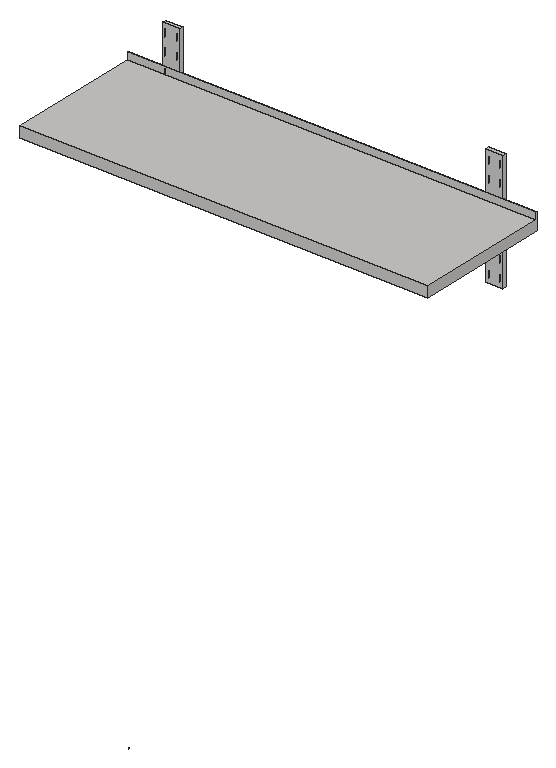
Revit family "QF_ZANUSSI_134149_GGWSS124", category Attrezzature speciali, Revit 2020
Family settings
  Quota connettore circolare = Usa diametro
  Tipo di parte = Normale
  Basato su piano di lavoro = No
  Sempre verticale = Sì
  Taglio con vuoti quando caricato = No
  Condiviso = No
  Punto di calcolo locali = No
Parameters (values of type "Standard")
  Weight = 7.00 kg
  Watts = 0 W
  Volts = 0 V
  URL Manufacturer = "http://www.zanussiprofessional.com"
  URL = "http://www.zanussiprofessional.com"
  Steam Supply Size = 0 mm
  Steam Supply Minimum Pressure = 0.0 Pa
  Steam Supply Maximum Pressure = 0.0 Pa
  Steam Consumption per Hour = 0
  Refrigeration Suction Line Size = 0.0 mm
  Refrigeration Liquid Line Size = 0.0 mm
  Refrigerant Compressor Remote = yes
  Prospetto di default = 0.0 mm
  Phase = 0
  Modello = "GGWSS124"
  Produttore = "Zanussi"
  Length Actual = 1200.0 mm  # constant formula
  Item Number = "134149"
  Hot Water Size = 0 mm
  Height Actual = 350.0 mm  # constant formula
  HP = "0 HP"
  Gas Size = 0 mm
  Gas KW = 0
  Gas Input Pressure = 0 W
  Direct Waste Size = 0 mm
  Descrizione = "SOLID WALL SHELF WITH BRACKETS 1200 MM"
  Depth Actual = 415.0 mm  # constant formula
  Cycle = 0 Hz
  Condensate Return Size = 0 mm
  Compressed Air Volume = 0.0 L/s
  Compressed Air Size = 0 mm
  Compressed Air Pressure = 0.0 Pa
  Cold Water Size = 0 mm
  Accessory = yes
Reference planes
  plane 1 "Center (Front/Back)": y = 0
  plane 2: z = 0
  plane 3 "Center (Left/Right)": x = 0
  plane 4 "LEFT": x = -600
  plane 5 "RIGHT": x = 600
  plane 6 "BACK": y = 65
  plane 7 "FRONT": y = -350
  plane 8 "TOP": z = 1948
  plane 9 "base": z = 1598
  plane 10 "Ztop": z = 1815
  plane 11: x = -500
  plane 12: x = 500
Forms (mm)
  Extrusion 1, solid, material "QF_Finishes_Stainless Steel"
    sketch origin (0, 0, 0) x (0, 1, 0) y (0, 0, 1)
      loop
        line (53, 1785) -> (53, 1835) -> (51, 1835) -> (51, 1815) -> (-347.004, 1815) -> (-347.004, 1785) -> (53, 1785)
    from 600 to -600
  Extrusion 2, solid, material "QF_Finishes_Stainless Steel"
    sketch origin (0, 0, 0) x (1, 0, 0) y (0, 1, 0)
      loop
        line (-600, 53) -> (-600, 52) -> (-598.993, 52) -> (-598.993, 53) -> (-600, 53)
    from 0 to 1
Lines and regions (mm)
  symbolic lines
    curve 1: line (-600, 53, 1948) -> (-600, -347.004, 1948)
    curve 2: line (600, 53, 1948) -> (600, -347.004, 1948)
    curve 3: line (-600, 51, 1948) -> (600, 51, 1948)
    curve 4: line (600, 53, 1948) -> (-600, 53, 1948)
    curve 5: line (-600, -347.004, 1948) -> (600, -347.004, 1948)
Dimensions and locks
  plane 4 "LEFT" to plane 5 "RIGHT" = 1200.0 mm
  equal spacing: plane 4 "LEFT", plane 3 "Center (Left/Right)", plane 5 "RIGHT"
  plane 6 "BACK" to plane 7 "FRONT" = 415.0 mm
  plane 6 "BACK" to plane 1 "Center (Front/Back)" to plane 7 "FRONT" = 65.0 mm, 350.0 mm
  locked: plane 8 "TOP" to plane 9 "base" at 350
  plane 10 "Ztop" to level = 1815.0 mm
  locked: plane 10 "Ztop" to plane 8 "TOP" at 133
  locked: plane 11 to plane 4 "LEFT" at 100
  locked: plane 5 "RIGHT" to plane 12 at 100
  aligned and locked: level to plane 2
  aligned and locked: Extrusion 1 to plane 4 "LEFT"
  aligned and locked: plane 5 "RIGHT" to Extrusion 1
  aligned and locked: nested 1 to plane 11
  aligned and locked: plane 12 to nested 2
  aligned and locked: curve 3 to Extrusion 1
  aligned and locked: curve 4 to Extrusion 1
  aligned and locked: curve 5 to Extrusion 1
Automatic sketch dimensions
  plane 7 "FRONT" to Extrusion 1 sketch curve = 2.996 mm
  plane 10 "Ztop" to Extrusion 1 sketch curve = 30.0 mm
  Extrusion 1 sketch curve to plane 10 "Ztop" = 20.0 mm
  Extrusion 1 sketch curve to Extrusion 1 sketch curve = 2.0 mm
  plane 10 "Ztop" to Extrusion 1 sketch curve = 0.0 mm
  Extrusion 1 sketch curve to plane 6 "BACK" = 12.0 mm
  curve 2 to plane 5 "RIGHT" = 0.0 mm
  curve 1 to plane 4 "LEFT" = 0.0 mm
  Extrusion 2 sketch curve to plane 4 "LEFT" = 0.0 mm
  plane 4 "LEFT" to Extrusion 2 sketch curve = 1.007 mm
  Extrusion 2 sketch curve to plane 6 "BACK" = 13.0 mm
  Extrusion 2 sketch curve to Extrusion 2 sketch curve = 1.0 mm
Nested families
  nested 1: "WT_Staffa_H350" at (-485.291, -40.275, 1598), type "WT_Staffa_H350"
    with Type Mark "", Status "", Specification by User "", Revision Code "", Installed By "", Identify Quantity as Lot yes, Furnished By "", Foodservice Equipment Identifier yes
  nested 2: "WT_Staffa_H350" at (465.709, -40.275, 1598), type "WT_Staffa_H350"
    with Type Mark "", Status "", Specification by User "", Revision Code "", Installed By "", Identify Quantity as Lot yes, Furnished By "", Foodservice Equipment Identifier yes
Definition of nested family "WT_Staffa_H350"
  Parameters
    Width = 49.0 mm
    Weight = ""
    URL Manufacturer = ""
    URL Cutsheet = ""
    URL = ""
    Type Mark [instance] = ""
    Status [instance] = ""
    Specification by User [instance] = ""
    Specification by Manufacturer = ""
    Serial Number = ""
    Seismic Rating = ""
    SMACNA No = ""
    Revision Code [instance] = ""
    Default Elevation = 0.0 mm
    Omniclass Number and Title = ""
    NAFEM Spec ID Number = ""
    Model = ""
    MasterSpec. = ""
    Manufacturer = ""
    Installed By [instance] = ""
    Identify Quantity as Lot [instance] = yes
    Height = 350.0 mm
    Furnished By [instance] = ""
    Foodservice Equipment Identifier [instance] = yes
    Description = ""
    Depth = 415.0 mm
    CSI MasterFormat = ""
    CSI Master Format = ""
    Assembly Code = ""
  Reference planes
    plane 1: z = 0
    plane 2 "Center (Front/Back)": y = -102.225
    plane 3 "Center (Left/Right)": x = 9.791
    plane 4 "TOP": z = 350
    plane 5 "Back": y = 105.275
    plane 6 "Front": y = -309.725
    plane 7: x = -14.709
    plane 8: x = 34.291
  Forms (mm)
    Extrusion 1, solid
      sketch origin (0, 105.275, 0) x (0, 0, 1) y (-1, 0, 0)
        loop
          line (350, 14.709) -> (0, 14.709) -> (0, -34.291) -> (350, -34.291) -> (350, 14.709)
        loop
          line (335.5, 7.709) -> (315.5, 7.709) -> (315.5, 5.709) -> (335.5, 5.709) -> (335.5, 7.709)
        loop
          line (335.5, -25.291) -> (315.5, -25.291) -> (315.5, -27.291) -> (335.5, -27.291) -> (335.5, -25.291)
        loop
          line (285.333, 7.709) -> (265.333, 7.709) -> (265.333, 5.709) -> (285.333, 5.709) -> (285.333, 7.709)
        loop
          line (285.333, -25.291) -> (265.333, -25.291) -> (265.333, -27.291) -> (285.333, -27.291) -> (285.333, -25.291)
        loop
          line (235.167, 7.709) -> (215.167, 7.709) -> (215.167, 5.709) -> (235.167, 5.709) -> (235.167, 7.709)
        loop
          line (235.167, -25.291) -> (215.167, -25.291) -> (215.167, -27.291) -> (235.167, -27.291) -> (235.167, -25.291)
        loop
          line (185, 7.709) -> (165, 7.709) -> (165, 5.709) -> (185, 5.709) -> (185, 7.709)
        loop
          line (185, -25.291) -> (165, -25.291) -> (165, -27.291) -> (185, -27.291) -> (185, -25.291)
        loop
          line (134.833, 7.709) -> (114.833, 7.709) -> (114.833, 5.709) -> (134.833, 5.709) -> (134.833, 7.709)
        loop
          line (134.833, -25.291) -> (114.833, -25.291) -> (114.833, -27.291) -> (134.833, -27.291) -> (134.833, -25.291)
        loop
          line (34.5, 7.709) -> (14.5, 7.709) -> (14.5, 5.709) -> (34.5, 5.709) -> (34.5, 7.709)
        loop
          line (34.5, -25.291) -> (14.5, -25.291) -> (14.5, -27.291) -> (34.5, -27.291) -> (34.5, -25.291)
        loop
          line (84.667, 7.709) -> (64.667, 7.709) -> (64.667, 5.709) -> (84.667, 5.709) -> (84.667, 7.709)
        loop
          line (84.667, -25.291) -> (64.667, -25.291) -> (64.667, -27.291) -> (84.667, -27.291) -> (84.667, -25.291)
      from 0 to 12
    Extrusion 2, solid
      sketch origin (9.791, 0, 0) x (0, 1, 0) y (0, 0, 1)
        loop
          line (-283.619, 186) -> (93.275, 123.5) -> (93.275, 186) -> (-283.619, 186)
      from -24.5 to 24.5
  Lines and regions (mm)
    symbolic lines
      curve 1: line (-14.709, 105.275, 0) -> (34.291, 105.275, 0)
      curve 2: line (34.291, 105.275, 0) -> (34.291, 93.275, 0)
      curve 3: line (34.291, 93.275, 0) -> (-14.709, 93.275, 0)
      curve 4: line (-14.709, 93.275, 0) -> (-14.709, 105.275, 0)
  Dimensions and locks
    "Height": plane 4 "TOP" to level
    equal spacing: plane 5 "Back", plane 2 "Center (Front/Back)", plane 6 "Front"
    "Depth": plane 5 "Back" to plane 6 "Front"
    equal spacing: plane 8, plane 3 "Center (Left/Right)", plane 7
    "Width": plane 8 to plane 7
    aligned and locked: level to plane 1
    aligned and locked: Extrusion 2 to plane 7
    aligned and locked: plane 8 to Extrusion 2
  Automatic sketch dimensions
    Extrusion 1 sketch curve to level = 0.0 mm
    Extrusion 1 sketch curve to plane 4 "TOP" = 0.0 mm
    Extrusion 1 sketch curve to plane 8 = 0.0 mm
    Extrusion 1 sketch curve to plane 7 = 0.0 mm
    plane 7 to Extrusion 1 sketch curve = 7.0 mm  (x4)
    level to Extrusion 1 sketch curve = 14.5 mm  (x2)
    Extrusion 1 sketch curve to plane 8 = 7.0 mm  (x6)
    plane 7 to Extrusion 1 sketch curve = 9.0 mm  (x6)
    Extrusion 1 sketch curve to Extrusion 1 sketch curve = 20.0 mm  (x12)
    Extrusion 1 sketch curve to plane 8 = 9.0 mm  (x6)
    Extrusion 1 sketch curve to Extrusion 1 sketch curve = 30.167 mm  (x12)
    Extrusion 1 sketch curve to plane 4 "TOP" = 14.5 mm  (x2)
    Extrusion 1 sketch curve to Extrusion 1 sketch curve = 2.0 mm  (x6)
    Extrusion 2 sketch curve to plane 6 "Front" = 26.106 mm
    level to Extrusion 2 sketch curve = 123.5 mm
    Extrusion 2 sketch curve to plane 4 "TOP" = 164.0 mm
    plane 5 "Back" to Extrusion 2 sketch curve = 12.0 mm
    curve 3 to plane 7 = 0.0 mm
    plane 5 "Back" to curve 1 = 0.0 mm
    curve 3 to plane 8 = 0.0 mm
    curve 2 to curve 1 = 12.0 mm
